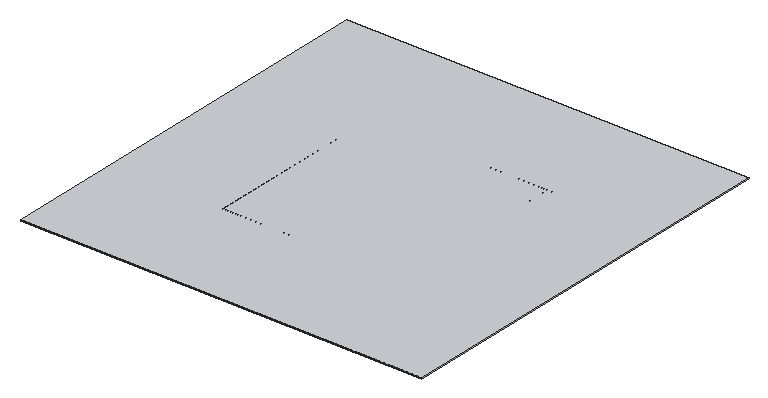
Revit family "PN 230", category Lighting Fixtures, host Face, Revit 2019
Family settings
  Host = Face
  Round Connector Dimension = Use Diameter
  Part Type = Normal
  OmniClass Number = 23.80.70.11
  OmniClass Title = Luminaries for Internal Lighting
  Cut with Voids When Loaded = No
  Light Source = Yes
  Shared = No
  Room Calculation Point = No
Parameters (values of type "PN 230 BLACK")
  Wattage = 16.1571 W
  built-in parameter 1150110 = 1 (stored number, unit not read)
  URL = "https://www.aria.lighting/prodotti/esterni/luci-da-plafone-per-esterni/pn-230-606368539"
  Type Image = PN 230 BLACK.jpg
  Type Comments = "Ceiling outdoor light"
  Tilt Angle = 90.00°
  Photometric Web File = "1440 _ PN 230 LED 18W 2400 lm.IES"
  Model = "14400"
  Manufacturer = "ARIA"
  Larghezza = 230 mm
  Lamp = "LED 2400lm 18W 3000K CRI85"
  built-in parameter 1114217 = 1 (stored number, unit not read)
  built-in parameter 1150109 = 1 (stored number, unit not read)
  Wattage Comments = "18"
  built-in parameter 1150134 = (empty or 0)
  built-in parameter 1150113 = 1 (stored number, unit not read)
  Lumens = 2400 lm
  built-in parameter 1150115 = 1 (stored number, unit not read)
  built-in parameter 1150105 = 867.07 (stored number, unit not read)
  built-in parameter 1150137 = (empty or 0)
  built-in parameter 1150139 = (empty or 0)
  built-in parameter 1150112 = 1 (stored number, unit not read)
  built-in parameter 1150114 = 1 (stored number, unit not read)
  built-in parameter 1150132 = 2
  built-in parameter 1150102 = (empty or 0)
  built-in parameter 1150138 = (empty or 0)
  built-in parameter 1150107 = 3000 (stored number, unit not read)
  built-in parameter 1150106 = 8.6707 (stored number, unit not read)
  Glass material = White Traslucido
  built-in parameter 1150104 = 13.8 (stored number, unit not read)
  Effective Intensity (lm) = 2040
  Dimming Lamp Color Temperature Shift = <None>
  Description = "La plafoniera per esterni  PN 230 coniuga l'elementare figura geometrica del quadrato con la tecnologia LED COB di ultima generazione, che ha permesso di ridurre notevolmente le dimensioni del prodotto, garantendo un'estrema sottigliezza. Il design lineare consente al prodotto di integrarsi in atri, ingressi, balconi, portici, aree residenziali e spazi a verde in generale.\r\nIl corpo in pressofusione di alluminio è progettato per garantire la dissipazione passiva del calore generato dal LED.\r\nLo schermo  frontale, senza viti a vista, è in materiale termoplastico trasparente ad alta resistenza, UV protetto.\r\nLa sorgente luminosa è schermata da un diffusore in policarbonato opale ad alta capacità diffondente."
  Default Elevation [instance] = 0 mm
  Color Filter = 16777215
  Codice = "144001"
  CRI L'indice di Resa Cromatica = "85"
  Body material = Black Powder Coated Aluminium
  Beam angle (°) = "110°"
  built-in parameter 1114218 = 1 (stored number, unit not read)
  built-in parameter 1150133 = 10 (stored number, unit not read)
Types (2, lengths in mm): name | Type Image | Codice | Body material
  PN 230 WHITE | PN 230 WHITE.jpg | "144004" | White Powder Coated Aluminium
  PN 230 BLACK | PN 230 BLACK.jpg | "144001" | Black Powder Coated Aluminium
Reference planes
  plane 1 "Light Source Axis (F/B)": y = 0
  plane 2: z = -100
  plane 3 "Light Source Axis (L/R)": x = 0
  plane 4 "Ceiling": z = 0
  plane 5 "Light Source Elevation": z = -36.738
  plane 6: x = -115
  plane 7: x = 115
  plane 8: z = 0
Forms (mm)
  Extrusion 1, solid, material "White Powder Coated Aluminium"
    sketch origin (0, 0, 0) x (1, 0, 0) y (0, 1, 0)
      loop
        line (-38.714, 38.804) -> (-38.714, -38.804) -> (38.895, -38.804) -> (38.895, 38.804) -> (-38.714, 38.804)
      loop
        line (-110.519, 110.281) -> (-110.519, -110.281) -> (110.519, -110.281) -> (110.519, 110.281) -> (-110.519, 110.281)
    from -35.587 to -36.738
  Sweep 2, solid, material "Black Powder Coated Aluminium" <- "Body material"
    path origin (0, 0, -36.738) x (-1, 0, 0) y (0, -1, 0)
      loop
        line (106.795, -106.795) -> (106.795, 106.795) -> (-106.795, 106.795) -> (-106.795, -106.795) -> (106.795, -106.795)
    profile origin (-106.795, 0, -36.738) x (1, 0, 0) y (0, 0, 1)
      loop
        line (-5.484, 36.013) -> (-5.484, 30.553) -> (-8.301, 30.553) -> (-8.301, 0.681)
        arc (-8.301, 0.681) -> (-8.101, 0.199) -> (-7.62, 0) r 0.681
        line (-7.62, 0) -> (-3.986, 0) -> (-3.986, 23.366) -> (0, 23.366) -> (0, 36.738) -> (-4.76, 36.738)
        arc (-4.76, 36.738) -> (-5.272, 36.525) -> (-5.484, 36.013) r 0.724
  Extrusion 3, solid
    sketch origin (0, 0, 0) x (1, 0, 0) y (0, 1, 0)
      loop
        line (-240, -241.709) -> (239.296, -241.709) -> (239.296, 244.908) -> (-240, 244.908) -> (-240, -241.709)
    from 0 to 0.778
  Extrusion 4, solid, material "White Traslucido"
    sketch origin (0, 0, -36.738) x (-1, 0, 0) y (0, -1, 0)
      loop
        line (38.714, -38.804) -> (38.714, 38.804) -> (-38.895, 38.804) -> (-38.895, -38.804) -> (38.714, -38.804)
    from 0 to 1.151
  Extrusion 5, solid, material "Black Powder Coated Aluminium" <- "Body material"
    sketch origin (0, 0, 0) x (1, 0, 0) y (0, 0, 1)
      loop
        line (-106.795, -13.372) -> (106.795, -13.372) -> (106.795, 0) -> (-106.795, 0) -> (-106.795, -13.372)
    from -106.795 to 106.795
  Extrusion 6, void
    sketch origin (0, 0, 0) x (1, 0, 0) y (0, 0, 1)
      loop
        line (0.749, -29.617) -> (0.94, -6.185) -> (-0.94, -6.185) -> (-0.749, -29.617) -> (0.749, -29.617)
    from 112.279 to 122.365
  Extrusion 7, void
    sketch origin (0, 0, 0) x (1, 0, 0) y (0, 0, 1)
      loop
        line (0.94, -6.185) -> (-0.94, -6.185) -> (-0.749, -29.617) -> (0.749, -29.617) -> (0.94, -6.185)
    from -112.279 to -120.594
  Extrusion 8, void
    sketch origin (0, 0, 0) x (0, 1, 0) y (0, 0, 1)
      loop
        line (0.94, -6.185) -> (-0.94, -6.185) -> (-0.749, -29.617) -> (0.749, -29.617) -> (0.94, -6.185)
    from 112.279 to 126.532
  Extrusion 9, void
    sketch origin (0, 0, 0) x (0, 1, 0) y (0, 0, 1)
      loop
        line (0.94, -6.185) -> (-0.94, -6.185) -> (-0.749, -29.617) -> (0.749, -29.617) -> (0.94, -6.185)
    from -112.279 to -122.822
Cuts and joins
  Extrusion 6, Extrusion 7, Extrusion 8, Extrusion 9 cuts Sweep 2
  Extrusion 6, Extrusion 7, Extrusion 8, Extrusion 9 cuts Extrusion 5
Dimensions and locks
  plane 4 "Ceiling" to Extrusion 3 = 0 mm
  equal spacing: plane 7, plane 3 "Light Source Axis (L/R)", plane 6
  "Larghezza": plane 7 to plane 6
  aligned and locked: plane 3 "Light Source Axis (L/R)" to imposter light
  aligned and locked: plane 1 "Light Source Axis (F/B)" to imposter light
  aligned and locked: plane 5 "Light Source Elevation" to imposter light
Automatic sketch dimensions
  Extrusion 3 sketch curve to Extrusion 3 sketch curve = 479.296 mm
  Extrusion 3 sketch curve to Extrusion 3 sketch curve = 486.617 mm
  Extrusion 5 sketch curve to plane 4 "Ceiling" = 0 mm
  plane 6 to Extrusion 5 sketch curve = 8.205 mm
  Extrusion 5 sketch curve to plane 7 = 8.205 mm
  plane 4 "Ceiling" to Extrusion 5 sketch curve = 13.372 mm
  plane 3 "Light Source Axis (L/R)" to Extrusion 4 sketch curve = 38.895 mm
  Extrusion 4 sketch curve to plane 3 "Light Source Axis (L/R)" = 38.714 mm
  Extrusion 4 sketch curve to plane 1 "Light Source Axis (F/B)" = 38.804 mm
  plane 1 "Light Source Axis (F/B)" to Extrusion 4 sketch curve = 38.804 mm
  Extrusion 1 sketch curve to plane 3 "Light Source Axis (L/R)" = 38.714 mm
  plane 3 "Light Source Axis (L/R)" to Extrusion 1 sketch curve = 38.895 mm
  plane 1 "Light Source Axis (F/B)" to Extrusion 1 sketch curve = 38.804 mm
  Extrusion 1 sketch curve to plane 1 "Light Source Axis (F/B)" = 38.804 mm
  plane 4 "Ceiling" to Extrusion 8 sketch curve = 6.185 mm
  plane 4 "Ceiling" to Extrusion 9 sketch curve = 6.185 mm
  plane 1 "Light Source Axis (F/B)" to Extrusion 9 sketch curve = 0.94 mm
  Extrusion 7 sketch curve to plane 3 "Light Source Axis (L/R)" = 0.749 mm
  Extrusion 7 sketch curve to plane 3 "Light Source Axis (L/R)" = 0.94 mm
  plane 3 "Light Source Axis (L/R)" to Extrusion 7 sketch curve = 0.749 mm
  plane 3 "Light Source Axis (L/R)" to Extrusion 7 sketch curve = 0.94 mm
  Extrusion 7 sketch curve to plane 5 "Light Source Elevation" = 7.12 mm
  plane 4 "Ceiling" to Extrusion 7 sketch curve = 6.185 mm
  Extrusion 6 sketch curve to plane 5 "Light Source Elevation" = 7.12 mm
  Extrusion 6 sketch curve to plane 3 "Light Source Axis (L/R)" = 0.94 mm
  Extrusion 6 sketch curve to plane 3 "Light Source Axis (L/R)" = 0.749 mm
  plane 3 "Light Source Axis (L/R)" to Extrusion 6 sketch curve = 0.94 mm
  plane 3 "Light Source Axis (L/R)" to Extrusion 6 sketch curve = 0.749 mm
  plane 4 "Ceiling" to Extrusion 6 sketch curve = 6.185 mm
  Sweep 2 sketch curve to plane 1 "Light Source Axis (F/B)" = 106.795 mm
  Sweep 2 sketch curve to plane 7 = 8.205 mm
  plane 6 to Sweep 2 sketch curve = 8.205 mm
  Sweep 2 sketch curve to plane 5 "Light Source Elevation" = 0 mm
  profile plane to Sweep 2 sketch curve = 0 mm
  profile plane to Sweep 2 sketch curve = 3.986 mm
  profile plane to Sweep 2 sketch curve = 4.76 mm
  profile plane to Sweep 2 sketch curve = 5.484 mm
  Sweep 2 sketch curve to Sweep 2 sketch curve = 3.634 mm
  Sweep 2 sketch curve to Sweep 2 sketch curve = 0.681 mm
  Sweep 2 sketch curve to plane 5 "Light Source Elevation" = 23.366 mm
  Sweep 2 sketch curve to Sweep 2 sketch curve = 7.187 mm
  Sweep 2 sketch curve to Sweep 2 sketch curve = 5.461 mm
  plane 1 "Light Source Axis (F/B)" to Sweep 2 sketch curve = 106.795 mm
  Extrusion 9 sketch curve to plane 5 "Light Source Elevation" = 7.12 mm
  Extrusion 9 sketch curve to plane 1 "Light Source Axis (F/B)" = 0.749 mm
  Extrusion 9 sketch curve to plane 1 "Light Source Axis (F/B)" = 0.94 mm
  plane 1 "Light Source Axis (F/B)" to Extrusion 9 sketch curve = 0.749 mm
  Extrusion 8 sketch curve to plane 1 "Light Source Axis (F/B)" = 0.749 mm
  Extrusion 8 sketch curve to plane 1 "Light Source Axis (F/B)" = 0.94 mm
  plane 1 "Light Source Axis (F/B)" to Extrusion 8 sketch curve = 0.749 mm
  plane 1 "Light Source Axis (F/B)" to Extrusion 8 sketch curve = 0.94 mm
  Extrusion 8 sketch curve to plane 5 "Light Source Elevation" = 7.12 mm
  plane 6 to Extrusion 1 sketch curve = 4.481 mm
  Extrusion 1 sketch curve to Extrusion 1 sketch curve = 71.477 mm  (x2)
  Extrusion 1 sketch curve to plane 7 = 4.481 mm
